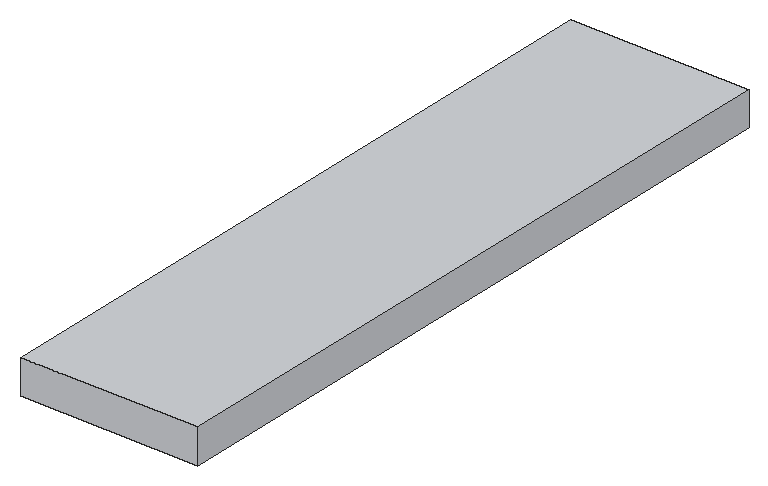
Revit family "ERK9985W_RAD766N", category 照明器具, Revit 2020
Family settings
  丸型コネクタ寸法 = 直径を使用
  パーツ タイプ = 標準
  OmniClass 番号 = 23.80.70.11.14
  OmniClass タイトル = General Luminaries, Directional
  作業面ベース = いいえ
  常に垂直 = はい
  ロード時にボイドで切り取り = はい
  光源 = はい
  共有 = いいえ
  部屋計算ポイント = いいえ
Parameters (values of type "ERK9985W_RAD766N")
  電源種別_記号 = "AC"
  電源種別 = ""
  防災用照明器具電源種別 = ""
  防災用照明器具種類 = ""
  運転質量 = 0.00 kg
  質量 = 0.00 kg
  負荷分類 = 8_照明
  積算_科目2 = "[1_1]照明"
  説明 = "ベースライト 下面開放 40Wタイプ W+300 埋込"
  誘導灯形式 = ""
  誘導灯仕様 = ""
  認定番号 = ""
  設置方法 = ""
  記号 = ""
  製造元 = "株式会社遠藤照明"
  製品質量 = 0.00 kg
  製品出荷対象 = ""
  製品リリース年月 = "2023.04"
  製品グループ = ""
  背面形式 = ""
  系統 [instance] = ""
  符号 = ""
  積算_科目 = "1 電灯設備"
  積算_拾い区分 = ""
  種別 [instance] = ""
  相 = 1
  皮相負荷 = 0 VA
  用途 = "E_一般照明"
  特殊仕様 [instance] = ""
  照明制御装置の種類 = ""
  法定耐用年数 = ""
  極数 = 1
  材質_本体 = none
  材質_反射板 = none
  材質_ルーバー = none
  材質_カバー = none
  材質 = ""
  既定の高さ = 0 mm
  形式 = "ベースライト"
  平均演色評価数(Ra) = 82
  定格消費電力 = 30.9 W
  定格入力電流 = 0 A
  定格入力電圧 = 0 V
  定格入力容量 = 0 VA
  定格光束 = 5100 lm
  安定器_蛍光灯 = ""
  安定器_定格電圧 = 0 V
  安定器_入力電流 = 0 A
  安定器_入力電力 = 0 W
  安定器_二次電圧 = 0 V
  埋込高さ = "58"
  埋込穴寸法 = "300x1257"
  固有エネルギー消費効率(lm/W) = 165
  器具サイズ = ""
  呼称 = "ベースライト"
  周波数 = 0 Hz
  参照している仕様書等のバージョン = ""
  分類コード = "40305100000000"
  分類グループ = ""
  公共型番 = "LRS20-4-48"
  傾斜角 = 90.00°
  価格 = 36200
  企業コード = "6932"
  付属品 = ""
  仕様書バージョン = ""
  仕様 = ""
  Wattage = 34.3337 W
  built-in parameter 1150110 = 1 (stored number, unit not read)
  built-in parameter 1114217 = 1 (stored number, unit not read)
  built-in parameter 1150109 = 1 (stored number, unit not read)
  built-in parameter 1150134 = 2
  ランプの種類 = "LED"
  ランプ_電流 = 0 A
  ランプ_本数 = 0
  ランプ_定格消費電力 = 0 W
  ランプ_定格消費効率(lm/W) = 0
  ランプ_大きさ = ""
  ランプ_全光束 = 0 lm
  ランプ = "LED"
  モデル = "ERK9985W_RAD766N"
  フォトメトリック Web ファイル = "ERK9985W_RAD766N.IES"
  イメージ(タイプ) = <なし>
  シンボル表示 = yes
  built-in parameter 1150113 = 1 (stored number, unit not read)
  Lumens = 5100 lm
  built-in parameter 1150115 = 1 (stored number, unit not read)
  built-in parameter 1150105 = 405.85 (stored number, unit not read)
  built-in parameter 1150137 = (empty or 0)
  built-in parameter 1150139 = (empty or 0)
  built-in parameter 1150112 = 1 (stored number, unit not read)
  built-in parameter 1150114 = 1 (stored number, unit not read)
  built-in parameter 1150132 = 2
  built-in parameter 1150102 = (empty or 0)
  built-in parameter 1150138 = (empty or 0)
  built-in parameter 1150107 = 5000 (stored number, unit not read)
  built-in parameter 1150106 = 4.0585 (stored number, unit not read)
  built-in parameter 1150104 = 13.8 (stored number, unit not read)
  Dimming Lamp Color Temperature Shift = (empty or 0)
  サービススペース表示 = no
  コメント = ""
  グレア分類 = ""
  Keynote = ""
  Color Filter = 16777215
  built-in parameter 1114218 = 1 (stored number, unit not read)
  built-in parameter 1150133 = 10 (stored number, unit not read)
  カバー形状 = ""
  built-in parameter 1150142 = "IESNA:LM-63-2002\r\n[TEST] ERK9985W_RAD766N  IJA5K(update:11111111)\r\n[MANUFAC] ENDO LIGHTING CORP.\r\n[LUMCAT] ERK9985W_RAD766N\r\n[LAMP] SDseries_5200lmÀ²Ìß_5000K 5000K\r\n[LAMPCAT] SDseries_5200lmÀ²??_5000K 5273 lm x1 5000K\r\nTILT=NONE\r\n1 5273 1.0 19 19 1 2 0 0 0\r\n1 1 0\r\n0 5 10 15 20 25 30 35 40 45 50 55 60 65 70 75 80 85 90 \r\n0 5 10 15 20 25 30 35 40 45 50 55 60 65 70 75 80 85 90 \r\n1705.9174 1705.1936 1683.9149 1648.3779 1600.3922 1539.6682 1467.5087 1379.933 1284.3958 1181.8381 1072.6942 958.0496 839.3519 721.1174 606.4873 491.2347 357.0774 199.8174\r\n1.6663\r\n1705.9174 1704.6146 1682.6845 1647.5094 1599.5237 1538.8721 1466.785 1378.8473 1283.2378 1180.8972 1072.1151 957.3258 838.6281 720.0245 605.7563 490.4603 356.4911 199.4845\r\n1.6682\r\n1705.9174 1703.1671 1681.1646 1645.9895 1597.859 1537.2798 1465.265 1377.3998 1281.2836 1178.7259 1070.0886 955.2993 836.6016 717.8243 602.825 488.0429 355.0653 198.4278\r\n1.6755\r\n1705.9174 1702.0814 1679.9342 1644.3972 1595.8325 1534.8914 1463.2385 1375.1561 1278.5333 1175.9756 1066.9764 951.9699 832.9827 713.431 598.2508 483.7799 352.0038 196.1335\r\n1.6828\r\n1705.9174 1701.1405 1678.9933 1643.0944 1594.385 1532.8648 1461.4291 1373.202 1275.5659 1172.2844 1062.6338 947.2654 827.6992 707.7494 591.4691 477.2081 347.2848 192.5436\r\n1.6938\r\n1705.9174 1699.114 1676.3877 1640.3441 1591.2728 1529.5355 1457.8103 1370.2345 1271.7299 1168.0866 1058.0017 942.8505 821.2577 700.063 582.6826 468.617 340.7999 187.6943\r\n1.7029\r\n1705.9174 1697.0874 1674.4335 1637.811 1587.9434 1525.6995 1452.8163 1366.2538 1266.8083 1162.4412 1052.1392 936.2642 814.0924 691.6384 572.065 457.8836 332.397 181.6292\r\n1.714\r\n1705.9174 1695.6399 1672.9136 1635.9292 1584.8313 1522.0807 1447.5328 1361.9836 1261.8143 1155.6378 1044.8292 927.6514 805.6967 681.7517 559.9781 444.1682 321.7214 174.3626\r\n1.7231\r\n1705.9174 1695.857 1672.7689 1634.4816 1582.66 1519.1133 1443.3349 1358.3648 1257.6165 1148.8344 1036.7953 918.6767 796.143 670.9459 547.7102 428.8822 309.2871 166.1768\r\n1.7323\r\n1705.9174 1696.0018 1672.7689 1634.1197 1581.5743 1516.942 1440.0056 1353.226 1253.9976 1143.189 1028.7615 909.4848 785.576 659.04 534.3422 412.7857 295.6441 157.2238\r\n1.7415\r\n1705.9174 1696.0018 1672.7689 1633.7579 1579.9096 1514.3364 1436.5315 1348.0873 1250.3064 1139.353 1021.741 900.9444 775.2986 646.9603 520.0551 396.2693 281.3063 147.8872\r\n1.7488\r\n1705.9174 1696.0018 1672.1899 1633.0341 1578.6069 1511.948 1433.4193 1343.3104 1244.2268 1135.5171 1016.4575 892.6935 765.962 635.4235 506.1371 379.5141 265.5571 138.015\r\n1.7488\r\n1705.9174 1694.9161 1670.9595 1631.5866 1576.4356 1508.4739 1429.0044 1339.1126 1238.2195 1129.7993 1012.2597 885.1663 756.0464 624.2485 492.7691 363.0846 246.0154 127.6507\r\n1.7396\r\n1705.9174 1695.4951 1671.3213 1631.0075 1575.8566 1507.2435 1426.4712 1335.0595 1233.6598 1123.0683 1007.4828 881.6922 748.1573 614.1809 480.6822 347.9435 227.0455 117.1778\r\n1.7286\r\n1705.9174 1698.7521 1674.0716 1633.7579 1577.5212 1508.112 1426.254 1333.4672 1230.3305 1119.5218 1001.2584 877.4944 745.2622 605.9372 470.0646 334.4452 209.7764 104.8158\r\n1.714\r\n1705.9174 1698.6073 1674.0716 1633.7579 1577.3765 1507.9673 1426.1093 1332.7434 1228.6658 1115.903 996.8434 870.9081 739.9788 603.3751 461.2708 322.7057 194.3023 89.8194\r\n1.6956\r\n1705.9174 1698.0283 1673.2755 1632.4551 1576.2908 1506.8816 1424.2999 1330.8616 1226.3498 1112.7908 992.5008 865.7694 733.5372 596.6006 459.2587 315.2147 182.1648 74.0847\r\n1.6773\r\n1705.9174 1694.3371 1669.6567 1628.981 1572.3825 1502.9733 1420.7534 1327.3876 1222.8033 1108.7377 987.8687 859.545 726.0101 587.6259 449.003 309.468 175.5495 62.663\r\n1.6627\r\n1705.9174 1687.6061 1663.0704 1622.3947 1566.3752 1496.7489 1415.108 1322.1041 1217.7369 1104.178 983.309 855.13 721.8556 583.0517 443.5096 302.1797 168.9415 58.0851\r\n1.6517\r\n"
  diameter = 0 mm
  Width = 330 mm
  Version = ""
  Uniclass2015Version = ""
  Uniclass2015Title = ""
  Uniclass2015Code = ""
  URL = "https://www.endo-lighting.co.jp/"
  SpecificationReference = ""
  SpecificationDescription = ""
  Revision = ""
  ProductInformation = ""
  OmniClassCode = "23.80.70.11.14"
  LED制御装置 = ""
  IfcTypeProduct = ""
  IfcProduct = ""
  IfcExportType = ""
  IfcExportAs = "IfcLightFixtureType"
  Height = 64 mm
  Depth = 1280 mm
  Clearance Top = 0 mm
  Clearance Right = 0 mm
  Clearance Left = 0 mm
  Clearance Front = 0 mm
  Clearance Bottom = 0 mm
  Clearance Back = 0 mm
  Author = "遠藤照明"
Reference planes
  plane 1 "光源軸(正面/背面)": y = 0
  plane 2: z = 0
  plane 3 "光源軸(左/右)": x = 0
  plane 4 "光源高さ": z = -5
  plane 5: x = 165
  plane 6: x = -165
  plane 7: y = 640
  plane 8: y = -640
  plane 9: z = 64
  plane 10: z = 0
  plane 11: z = 62
  plane 12: z = -2
Forms (mm)
  Extrusion 1, solid
    sketch origin (0, 0, 0) x (1, 0, 0) y (0, 0, 1)
      loop
        line (-165, 64) -> (-165, 0) -> (165, 0) -> (165, 64) -> (-165, 64)
    from 640 to -640
  Extrusion 2, solid, material "発光面"
    sketch origin (0, 0, 0) x (1, 0, 0) y (0, 0, 1)
      loop
        line (-165, -2) -> (165, -2) -> (165, 0) -> (-165, 0) -> (-165, -2)
    from 640 to -640
  Extrusion 3, void
    sketch origin (-20, -18.5, 0) x (1, 0, 0) y (0, 1, 0)
      loop
        line (-145, -621.5) -> (185, -621.5) -> (185, 658.5) -> (-145, 658.5) -> (-145, -621.5)
    from 64 <- "Height" to 0
Lines and regions (mm)
  symbolic lines, detail levels fine
    curve 1: line (-165, 640, 0) -> (-165, -640, 0)
    curve 2: line (165, -640, 0) -> (165, 640, 0)
    curve 3: line (165, 640, 0) -> (-165, 640, 0)
    curve 4: line (-165, -640, 0) -> (165, -640, 0)
Dimensions and locks
  equal spacing: plane 6, plane 3 "光源軸(左/右)", plane 5
  "Width": plane 6 to plane 5
  equal spacing: plane 8, plane 1 "光源軸(正面/背面)", plane 7
  "Depth": plane 8 to plane 7
  "Height": plane 9 to plane 2
  locked: plane 9 to plane 11 at 2
  plane 10 to plane 4 "光源高さ" = 5 mm
  aligned and locked: plane 3 "光源軸(左/右)" to imposter light
  aligned and locked: plane 1 "光源軸(正面/背面)" to imposter light
  aligned and locked: plane 4 "光源高さ" to imposter light
  aligned and locked: level to plane 2
  aligned and locked: plane 6 to Extrusion 1 sketch curve
  aligned and locked: plane 2 to Extrusion 1 sketch curve
  aligned and locked: plane 5 to Extrusion 1 sketch curve
  aligned and locked: plane 7 to Extrusion 1
  aligned and locked: plane 8 to Extrusion 1
  aligned and locked: plane 7 to Extrusion 2
  aligned and locked: plane 8 to Extrusion 2
  aligned and locked: plane 12 to Extrusion 2 sketch curve
  aligned and locked: plane 6 to Extrusion 2 sketch curve
  aligned and locked: Extrusion 2 sketch curve to Extrusion 1  (x2)
  aligned and locked: Extrusion 3 to Extrusion 1  (x2)
  aligned and locked: Extrusion 3 sketch curve to Extrusion 1
Automatic sketch dimensions
  plane 9 to Extrusion 1 sketch curve = 0 mm
  Extrusion 3 sketch curve to plane 6 = 0 mm
  Extrusion 3 sketch curve to plane 5 = 0 mm
  Extrusion 3 sketch curve to plane 1 "光源軸(正面/背面)" = 640 mm
  curve 1 to plane 7 = 0 mm
  curve 1 to plane 6 = 0 mm
  curve 3 to plane 5 = 0 mm
  plane 8 to curve 2 = 0 mm
Nested families
  nested 1: "symbol_line" at (0, 0, 0) x (0, -1, 0) z (0, 0, 1), visible <- "シンボル表示", type "1/100", detail levels coarse+medium
Connectors
  electrical at (0, 0, 64), driven by "極数", driven by "負荷分類", driven by "皮相負荷", driven by "定格入力電圧"
    settings: on Extrusion 1, index 1, voltage 0 V, apparent load 0 VA, apparent load phase1 0 VA, apparent load phase2 0 VA, apparent load phase3 0 VA, power factor 1, load classification "8_照明", number of poles 1, system type 30, power factor state 1, is connector primary yes, connector utility no, sub classification motor no, connector description ""
Definition of nested family "symbol_line"
  Parameters (values of type "1/100")
    縮尺倍率 = if([縮尺1/50], 1.25, if([縮尺1/100], 1, if([縮尺1/200], 0.8, 0)))  # 1
    縮尺1/50 = no
    縮尺1/200 = no
    縮尺1/100 = yes
    W = 12 mm * 縮尺倍率  # 12 mm
    D = 1.5 mm * 縮尺倍率  # 1.5 mm
  Reference planes
    plane 1: y = 0
    plane 2: x = 0
  Lines and regions (mm)
    Masking region 1
      outline origin (0, 0, 0) x (1, 0, 0) y (0, 1, 0)
        loop
          line (-6, 0.75) -> (-6, -0.75) -> (6, -0.75) -> (6, 0.75) -> (-6, 0.75)
    reference lines
      curve 1: line (-304.8, 0.75, 0) -> (304.8, 0.75, 0)
      curve 2: line (304.8, -0.75, 0) -> (-304.8, -0.75, 0)
      curve 3: line (-6, -304.8, 0) -> (-6, 304.8, 0)
      curve 4: line (6, 304.8, 0) -> (6, -304.8, 0)
      curve 5: line (-6, 0.75, 0) -> (6, 0.75, 0)
      curve 6: line (-6, -0.75, 0) -> (-6, 0.75, 0)
      curve 7: line (6, 0.75, 0) -> (6, -0.75, 0)
    detail lines
      curve 8: line (-6, 0.75, 0) -> (6, 0.75, 0)
      curve 9: line (-6, -0.75, 0) -> (-6, 0.75, 0)
      curve 10: line (6, 0.75, 0) -> (6, -0.75, 0)
      curve 11: line (6, -0.75, 0) -> (-6, -0.75, 0)
  Dimensions and locks
    equal spacing: curve 2, plane 1, curve 1, locked at 0.75 each
    equal spacing: curve 3, plane 2, curve 4, locked at 6 each
    "W": curve 3 to curve 4
    "D": curve 2 to curve 1
    aligned and locked: curve 1 to curve 5
    aligned and locked: curve 3 to curve 6
    aligned and locked: curve 4 to curve 7
    aligned and locked: curve 9 to curve 6
    aligned and locked: curve 10 to curve 7
    aligned and locked: curve 1 to curve 8
    aligned and locked: curve 2 to curve 11
    aligned and locked: Masking region 1 sketch curve to curve 8
    aligned and locked: Masking region 1 sketch curve to curve 10
    aligned and locked: Masking region 1 sketch curve to curve 11
    aligned and locked: Masking region 1 sketch curve to curve 9
  Automatic sketch dimensions
    curve 1 to curve 5 = 298.8 mm
    curve 2 to curve 1 = 0 mm  (x2)
    curve 5 to curve 1 = 298.8 mm
    curve 4 to curve 7 = 304.05 mm
    curve 3 to curve 4 = 0 mm  (x2)
    curve 5 to curve 3 = 304.05 mm
